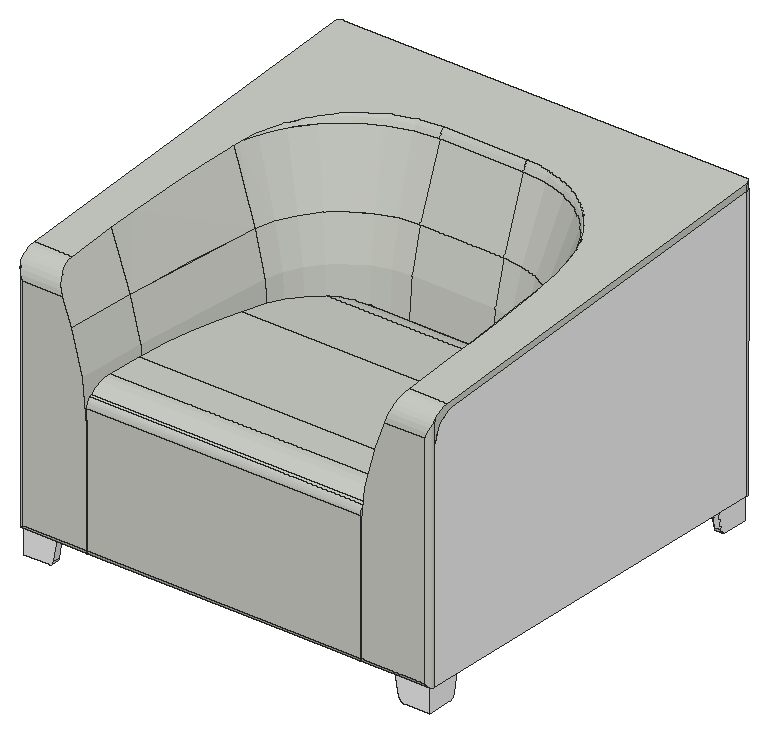
Revit family "Elan_Ellsworth_Two_LoungeChair_WoodBack", category Furniture, Revit 2012
Parameters
  Width = 2' - 11"  # constant formula
  URL = "http://elanbydecca.com/"
  Upholstery [instance] = Furniture - DECCA (Elan) - Ellsworth - Upholstery
  Base [instance] = Furniture - DECCA (Elan) - Ellsworth - Base
  Product URL = "http://elanbydecca.com/PDFs/TearSheet/Ellsworth%20Tear%20Sheet.pdf"
  Model = "MK TC305V"
  Manufacturer = "Decca Elan"
  Height = 2' - 10"  # constant formula
  Description = "Ellsworth Two Lounge Chair, Wood Back"
  Depth = 2' - 2"  # constant formula
  Assembly Description = "Furniture & Accessories"
  Assembly Code = "E2020200"
  Back = Furniture - DECCA (Elan) - Ellsworth - Base
Reference planes (in)
  plane 1 "Center Front/Back": y = -0.7524
  plane 2: z = 0
  plane 3 "Center Left/Right": x = 0
  plane 4: through (-6.25338, 2.33237, 23.38953) normal (0.4297, -0.4297, 0.7941)
  plane 5 "ST": z = 28
  plane 6 "BB": z = 2.875
  plane 7: z = 0.1875
  plane 8: y = 6.21634
  plane 9: x = -17.5
  plane 10: x = 17.5
  plane 11: y = 16.2476
  plane 12: y = -17.7524
  plane 13: z = 26
Forms (in)
  Sweep 1, solid, material "Furniture - DECCA (Elan) - Ellsworth - Upholstery" <- "Upholstery"
    path origin (0, 0, 2.875) x (-1, 0, 0) y (0, -1, 0)
      loop
        line (11.64312, 18.94021) -> (11.39883, 11.94448)
        arc (11.39883, 11.94448) -> (11.06356, 5.94093) -> (10.47796, -0.04338) r 144
        arc (10.47796, -0.04338) -> (8.17515, -4.45033) -> (3.52699, -6.21634) r 7
        line (3.52699, -6.21634) -> (-3.52699, -6.21634)
        arc (-3.52699, -6.21634) -> (-8.17515, -4.45033) -> (-10.47796, -0.04338) r 7
        arc (-10.47796, -0.04338) -> (-11.06356, 5.94093) -> (-11.39883, 11.94448) r 144
        line (-11.39883, 11.94448) -> (-11.64312, 18.94021)
    profile origin (-11.52097, -15.44234, 2.875) x (-0.999391, 0.034899, 0) y (0, 0, 1)
      loop
        line (0, -0.625) -> (15.5, -0.625) -> (15.5, 24.72791) -> (5.82184, 23.78467)
        arc (5.82184, 23.78467) -> (4.27481, 23.16982) -> (3.29376, 21.82488) r 3
        line (3.29376, 21.82488) -> (1.25138, 16.21346)
        arc (1.25138, 16.21346) -> (0.31524, 12.71975) -> (0, 9.11655) r 20.75
        line (0, 9.11655) -> (0, -0.625)
  Extrusion 2, void
    sketch origin (0, 0, 2.875) x (-1, 0, 0) y (0, -1, 0)
      loop
        line (17.5, -15.7476) -> (17.5, 17.2524)
        arc (17.5, 17.2524) -> (17.35355, 17.60595) -> (17, 17.7524) r 0.5
        line (17, 17.7524) -> (-17, 17.7524)
        arc (-17, 17.7524) -> (-17.35355, 17.60595) -> (-17.5, 17.2524) r 0.5
        line (-17.5, 17.2524) -> (-17.5, -15.7476)
        arc (-17.5, -15.7476) -> (-17.35355, -16.10115) -> (-17, -16.2476) r 0.5
        line (-17, -16.2476) -> (17, -16.2476)
        arc (17, -16.2476) -> (17.35355, -16.10115) -> (17.5, -15.7476) r 0.5
      loop
        arc (16, -26.2476) -> (24.83883, -22.58644) -> (28.5, -13.7476) r 12.5
        line (28.5, -13.7476) -> (28.5, 15.2524)
        arc (28.5, 15.2524) -> (24.83883, 24.09123) -> (16, 27.7524) r 12.5
        line (16, 27.7524) -> (-16, 27.7524)
        arc (-16, 27.7524) -> (-24.83883, 24.09123) -> (-28.5, 15.2524) r 12.5
        line (-28.5, 15.2524) -> (-28.5, -13.7476)
        arc (-28.5, -13.7476) -> (-24.83883, -22.58644) -> (-16, -26.2476) r 12.5
        line (-16, -26.2476) -> (16, -26.2476)
    from -2.875 to 28.625
  Extrusion 3, solid, material "Furniture - DECCA (Elan) - Ellsworth - Upholstery" <- "Upholstery"
    sketch origin (0, 0, 0) x (0, 1, 0) y (0, 0, 1)
      loop
        line (6.21634, 2.25) -> (6.21634, 11.87049)
        arc (6.21634, 11.87049) -> (6.09516, 12.34765) -> (5.76098, 12.70916) r 1
        line (5.76098, 12.70916) -> (5.58971, 12.82039)
        arc (5.58971, 12.82039) -> (4.80884, 13.21357) -> (3.96121, 13.4277) r 4
        line (3.96121, 13.4277) -> (-2.43716, 14.316)
        arc (-2.43716, 14.316) -> (-7.37582, 14.8288) -> (-12.33808, 15) r 72
        line (-12.33808, 15) -> (-15.27824, 15)
        arc (-15.27824, 15) -> (-16.35334, 14.80074) -> (-17.28563, 14.22943) r 3
        line (-17.28563, 14.22943) -> (-17.42153, 14.10707)
        arc (-17.42153, 14.10707) -> (-17.66595, 13.77066) -> (-17.7524, 13.36393) r 1
        line (-17.7524, 13.36393) -> (-17.7524, 2.5625)
        arc (-17.7524, 2.5625) -> (-17.66087, 2.34153) -> (-17.4399, 2.25) r 0.3125
        line (-17.4399, 2.25) -> (6.21634, 2.25)
    from -13.1875 to 13.1875
  Extrusion 4, void
    sketch origin (0, 0, 2.875) x (-1, 0, 0) y (0, -1, 0)
      loop
        line (11.65402, 19.2524) -> (11.39883, 11.94448)
        arc (11.39883, 11.94448) -> (11.06356, 5.94093) -> (10.47796, -0.04338) r 144
        arc (10.47796, -0.04338) -> (8.17515, -4.45033) -> (3.52699, -6.21634) r 7
        line (3.52699, -6.21634) -> (-3.52699, -6.21634)
        arc (-3.52699, -6.21634) -> (-8.17515, -4.45033) -> (-10.47796, -0.04338) r 7
        arc (-10.47796, -0.04338) -> (-11.06356, 5.94093) -> (-11.39883, 11.94448) r 144
        line (-11.39883, 11.94448) -> (-11.65402, 19.2524) -> (-14.69253, 19.2524) -> (-14.69253, -11.2476) -> (14.80747, -11.2476) -> (14.80747, 19.2524) -> (11.65402, 19.2524)
    from -1.22026 to 15.89704
  Extrusion 5, void
    sketch origin (0, 0, 0) x (0, 1, 0) y (0, 0, 1)
      loop
        line (22.2476, 26.52493) -> (22.2476, 31) -> (-20.72095, 31) -> (-20.72095, 0) -> (-17.09615, 0) -> (-17.09615, 2.25) -> (-17.4399, 2.25)
        arc (-17.4399, 2.25) -> (-17.66087, 2.34153) -> (-17.7524, 2.5625) r 0.3125
        line (-17.7524, 2.5625) -> (-17.7524, 21.19272)
        arc (-17.7524, 21.19272) -> (-17.22695, 22.5439) -> (-15.92671, 23.18511) r 2
        line (-15.92671, 23.18511) -> (22.2476, 26.52493)
    from -19.20611 to 19.27934
  Extrusion 6, void
    sketch origin (0, 0, 0) x (0, 1, 0) y (0, 0, 1)
      loop
        line (-17.2524, 20.69272) -> (-17.2524, -0.5) -> (16.2476, -0.5) -> (16.2476, 25.45626) -> (-15.42671, 22.68511)
        arc (-15.42671, 22.68511) -> (-16.72695, 22.0439) -> (-17.2524, 20.69272) r 2
    from -17.5 to -17
  Extrusion 7, void
    sketch origin (0, 0, 0) x (0, 1, 0) y (0, 0, -1)
      loop
        arc (-17.2524, -20.69272) -> (-16.72695, -22.0439) -> (-15.42671, -22.68511) r 2
        line (-15.42671, -22.68511) -> (16.2476, -25.45626) -> (16.2476, 0.5) -> (-17.2524, 0.5) -> (-17.2524, -20.69272)
    from -17.5 to -17
  Extrusion 8, void
    sketch origin (0, 0, 0) x (0, 1, 0) y (0, 0, 1)
      loop
        line (16.2476, 25.45626) -> (15.7476, 25.41251) -> (15.7476, 2.25) -> (16.2476, 2.25) -> (16.2476, 25.45626)
    from -17.5 to 17.1875
Cuts and joins
  Extrusion 2, Extrusion 5, Extrusion 6, Extrusion 7, Extrusion 8 cuts Sweep 1
  Extrusion 4, Extrusion 6 cuts Extrusion 3
Dimensions and locks (in)
  plane 12 to plane 11 = 2' - 10"
  plane 9 to plane 10 = 2' - 11"
  plane 13 to level = 2' - 2"
Nested families (in)
  nested 1: "Elan_Ellsworth_One_LoungeLEG" at (-17.1875, -16.6875, 0), Base <- "Base", type "Elan_Ellsworth_One_LoungeLEG"
    with Upholstery Furniture - DECCA (Elan) - Ellsworth - Upholstery, Base Furniture - DECCA (Elan) - Ellsworth - Base
  nested 2: "Elan_Ellsworth_One_LoungeLEG" at (-17.1875, 15.1827, 0), Base <- "Base", type "Elan_Ellsworth_One_LoungeLEG"
    with Upholstery Furniture - DECCA (Elan) - Ellsworth - Upholstery, Base Furniture - DECCA (Elan) - Ellsworth - Base
  nested 3: "Elan_Ellsworth_One_LoungeLEG" at (17.1875, -16.6875, 0) x (-1, 0, 0) z (0, 0, 1), Base <- "Base", type "Elan_Ellsworth_One_LoungeLEG"
    with Upholstery Furniture - DECCA (Elan) - Ellsworth - Upholstery, Base Furniture - DECCA (Elan) - Ellsworth - Base
  nested 4: "Elan_Ellsworth_One_LoungeLEG" at (17.1875, 15.1827, 0) x (-1, 0, 0) z (0, 0, 1), Base <- "Base", type "Elan_Ellsworth_One_LoungeLEG"
    with Upholstery Furniture - DECCA (Elan) - Ellsworth - Upholstery, Base Furniture - DECCA (Elan) - Ellsworth - Base
  nested 5: "Elan_Ellsworth_Two_LoungeChairBACK" at (0, 0, 0), Back <- "Back", type "Elan_Ellsworth_Two_LoungeChairBACK"
    with Upholstery Furniture - DECCA (Elan) - Ellsworth - Upholstery, Base Furniture - DECCA (Elan) - Ellsworth - Base, Back Furniture - DECCA (Elan) - Ellsworth - Base
Definition of nested family "Elan_Ellsworth_One_LoungeLEG"
  Parameters (values of type "Elan_Ellsworth_One_LoungeLEG")
    WoodBack = no
    Width = 2' - 9"  # constant formula
    URL = "http://elanbydecca.com/"
    Upholstery [instance] = Furniture - DECCA (Elan) - Ellsworth - Upholstery
    Base [instance] = Furniture - DECCA (Elan) - Ellsworth - Base
    Product URL = "http://elanbydecca.com/PDFs/elan_tearsheet-ava.pdf"
    Model = "MK TC300V"
    Manufacturer = "Decca Elan"
    Height = 2' - 4"  # constant formula
    Description = "Ellsworth One Lounge Chair"
    Depth = 2' - 6"  # constant formula
    Assembly Description = "Furniture & Accessories"
    Assembly Code = "E2020200"
    Back = Furniture - DECCA (Elan) - Ellsworth - Base
  Reference planes (in)
    plane 1 "Center Front/Back": y = -0.7524
    plane 2: z = 0
    plane 3 "Center Left/Right": x = 0
    plane 4 "L": x = -16.5
    plane 5 "R": x = 16.5
    plane 6 "F": y = -15.7524
    plane 7: y = 14.2476
    plane 8: through (-6.25338, 2.33237, 23.38953) normal (0.4297, -0.4297, 0.7941)
    plane 9 "ST": z = 28
    plane 10 "BB": z = 2.875
    plane 11: z = 0.1875
    plane 12: x = -16.1875
    plane 13: x = -13.1875
    plane 14: x = 16.1875
    plane 15: x = 13.1875
    plane 16: y = -12.7524
    plane 17: y = 11.2476
    plane 18: z = 17
    plane 19: y = 6.21634
    plane 20: z = 0.65933
    plane 21: through (0, 2.2476, 2.875) normal (0, -0.9824, 0.1869)
    plane 22: through (3, -180, 2.875) normal (0.9828, 0, -0.1848)
    plane 23: x = 2.49468
    plane 24: y = 1.73635
  Forms (in)
    Blend 1, solid, material "Furniture - DECCA (Elan) - Ellsworth - Base" <- "Base"
      base sketch origin (0, 0, 2.875) x (-1, 0, 0) y (0, -1, 0)
        loop
          line (-0.5, -2.2476) -> (0, -2.2476) -> (0, 0.7524) -> (-3, 0.7524) -> (-3, 0.26226) -> (-0.5, -2.2476)
      top sketch origin (0, 0, 2.875) x (-1, 0, 0) y (0, -1, 0)
        loop
          line (-2.49468, 0.7524) -> (-2.49468, 0.30042) -> (-0.46243, -1.73635) -> (0, -1.73635) -> (0, 0.7524) -> (-2.49468, 0.7524)
      from 0 to -2.6875
    Extrusion 2, void
      sketch origin (0, -0.00635, 0.00635) x (0, 1, 0) y (0, 0, 1)
        loop
          line (1.3225, 0.1875) -> (-0.93599, 0.1875) -> (-0.93599, 0.09766) -> (1.81071, 0.09766) -> (2.38141, 3.09766) -> (2.28996, 3.09766) -> (1.81369, 0.59406)
          arc (1.81369, 0.59406) -> (1.64131, 0.30232) -> (1.3225, 0.1875) r 0.5
      from -0.45475 to 3.24041
    Revolve 3, solid, material "Furniture - DECCA (Elan) - Ellsworth - Base" <- "Base"
      sketch origin (0.83883, 0, 0) x (0, 1, 0) y (0, 0, 1)
        loop
          line (0.67648, 0.19343) -> (0.30246, 0.19343) -> (0.30246, 0) -> (0.61213, 0)
          arc (0.61213, 0) -> (0.65763, 0.01885) -> (0.67648, 0.06435) r 0.06435
          line (0.67648, 0.06435) -> (0.67648, 0.19343)
        axis (0.30246, 0) -> (0.30246, 0.19343)
      angle from 0 to 360
    Extrusion 4, void
      sketch origin (-0.00439, -16.42176, 0.01318) x (1, 0, 0) y (0, 0, -1)
        loop
          line (-0.25, -0.1875) -> (2.07993, -0.1875)
          arc (2.07993, -0.1875) -> (2.39915, -0.30266) -> (2.57132, -0.59511) r 0.5
          line (2.57132, -0.59511) -> (3.0644, -3.2175) -> (3.0644, 0.0625) -> (-0.25, 0.0625) -> (-0.25, -0.1875)
      from 15.08155 to 18.91936
  Cuts and joins
    Extrusion 2, Extrusion 4 cuts Blend 1
  Dimensions and locks (in)
    equal spacing: plane 7, plane 1 "Center Front/Back", plane 6 "F"
    "Depth": plane 7 to plane 6 "F"
    "Height": plane 9 "ST" to level
    equal spacing: plane 4 "L", plane 3 "Center Left/Right", plane 5 "R"
    "Width": plane 4 "L" to plane 5 "R"
    locked: plane 12 to plane 4 "L" at 0.3125
    locked: plane 13 to plane 12 at 3
    locked: plane 15 to plane 14 at 3
    locked: plane 14 to plane 5 "R" at 0.3125
    locked: plane 16 to plane 6 "F" at 3
    locked: plane 7 to plane 17 at 3
    plane 18 to level = 1' - 5"
  Automatic sketch dimensions
    plane 1 "Center Front/Back" to Blend 1 sketch curve = 0' - 0"  (x2)
    Blend 1 sketch curve to plane 3 "Center Left/Right" = 0' - 0"  (x2)
    plane 3 "Center Left/Right" to Blend 1 sketch curve = 0' - 0 1/2"
    Blend 1 sketch curve to plane 23 = 0' - 0.50532"
    Blend 1 sketch curve to Blend 1 sketch curve = 0' - 0"  (x2)
    Blend 1 sketch curve to plane 1 "Center Front/Back" = 0' - 0.49014"
    plane 24 to Blend 1 sketch curve = 0' - 0.51125"
    Blend 1 sketch curve to plane 23 = 0' - 0"
    Blend 1 sketch curve to plane 24 = 0' - 0"
    plane 3 "Center Left/Right" to Blend 1 sketch curve = 0' - 0.46243"
    Blend 1 sketch curve to Blend 1 sketch curve = 0' - 0.45198"
    plane 11 to Extrusion 2 sketch curve = 0' - 0.00635"
    plane 1 "Center Front/Back" to Extrusion 2 sketch curve = 0' - 0.18994"
    Extrusion 2 sketch curve to plane 24 = 0' - 0.4202"
    plane 24 to Extrusion 2 sketch curve = 0' - 0.06802"
    plane 20 to Extrusion 2 sketch curve = 0' - 0.05893"
    plane 24 to Extrusion 2 sketch curve = 0' - 0.07099"
    plane 10 "BB" to Extrusion 2 sketch curve = 0' - 0.229"
    plane 24 to Extrusion 2 sketch curve = 0' - 0.54726"
    Extrusion 2 sketch curve to Extrusion 2 sketch curve = 0' - 0.09145"
    Extrusion 2 sketch curve to plane 11 = 0' - 0.0835"
    Revolve 3 sketch curve to level = 0' - 0"
    plane 11 to Revolve 3 sketch curve = 0' - 0.00593"
    plane 11 to Revolve 3 sketch curve = 0' - 0.14484"
    Revolve 3 sketch curve to plane 1 "Center Front/Back" = 0' - 1.05486"
    Revolve 3 sketch curve to Revolve 3 sketch curve = 0' - 0"
    Revolve 3 sketch curve to Revolve 3 sketch curve = 0' - 0.30967"
    Revolve 3 sketch curve to Revolve 3 sketch curve = 0' - 0.06435"
    Revolve 3 sketch curve to Revolve 3 sketch curve = 0' - 0.0701"
    Extrusion 4 sketch curve to plane 11 = 0' - 0.01318"
    plane 22 to Extrusion 4 sketch curve = 0' - 0.00675"  (x2)
    plane 3 "Center Left/Right" to Extrusion 4 sketch curve = 0' - 0.25439"
    Extrusion 4 sketch curve to plane 23 = 0' - 0.41914"
    plane 23 to Extrusion 4 sketch curve = 0' - 0.07225"
    Extrusion 4 sketch curve to plane 10 "BB" = 0' - 0.35569"
    level to Extrusion 4 sketch curve = 0' - 0.04932"
Definition of nested family "Elan_Ellsworth_Two_LoungeChairBACK"
  Parameters (values of type "Elan_Ellsworth_Two_LoungeChairBACK")
    Width = 2' - 11"  # constant formula
    URL = "http://elanbydecca.com/"
    Upholstery [instance] = Furniture - DECCA (Elan) - Ellsworth - Upholstery
    Base [instance] = Furniture - DECCA (Elan) - Ellsworth - Base
    Product URL = "http://elanbydecca.com/PDFs/TearSheet/Ellsworth%20Tear%20Sheet.pdf"
    Model = "MK TC305U"
    Manufacturer = "Decca Elan"
    Height = 2' - 10"  # constant formula
    Description = "Ellsworth Two Lounge Chair"
    Depth = 2' - 2"  # constant formula
    Assembly Description = "Furniture & Accessories"
    Assembly Code = "E2020200"
    Back [instance] = Furniture - DECCA (Elan) - Ellsworth - Base
  Reference planes (in)
    plane 1 "Center Front/Back": y = -0.7524
    plane 2: z = 0
    plane 3 "Center Left/Right": x = 0
    plane 4: through (-6.25338, 2.33237, 23.38953) normal (0.4297, -0.4297, 0.7941)
    plane 5 "ST": z = 28
    plane 6 "BB": z = 2.875
    plane 7: z = 0.1875
    plane 8: y = 6.21634
    plane 9: x = -17.5
    plane 10: x = 17.5
    plane 11: y = 16.2476
    plane 12: y = -17.7524
    plane 13: z = 26
  Forms (in)
    Sweep 1, solid, material "Furniture - DECCA (Elan) - Ellsworth - Base" <- "Back"
      path origin (0, 0, 2.875) x (-1, 0, 0) y (0, -1, 0)
        loop
          line (11.64312, 18.94021) -> (11.39883, 11.94448)
          arc (11.39883, 11.94448) -> (11.06356, 5.94093) -> (10.47796, -0.04338) r 144
          arc (10.47796, -0.04338) -> (8.17515, -4.45033) -> (3.52699, -6.21634) r 7
          line (3.52699, -6.21634) -> (-3.52699, -6.21634)
          arc (-3.52699, -6.21634) -> (-8.17515, -4.45033) -> (-10.47796, -0.04338) r 7
          arc (-10.47796, -0.04338) -> (-11.06356, 5.94093) -> (-11.39883, 11.94448) r 144
          line (-11.39883, 11.94448) -> (-11.64312, 18.94021)
      profile origin (-11.52097, -15.44234, 2.875) x (-0.999391, 0.034899, 0) y (0, 0, 1)
        loop
          line (0, -0.625) -> (15.5, -0.625) -> (15.5, 24.72791) -> (5.82184, 23.78467)
          arc (5.82184, 23.78467) -> (4.27481, 23.16982) -> (3.29376, 21.82488) r 3
          line (3.29376, 21.82488) -> (1.25138, 16.21346)
          arc (1.25138, 16.21346) -> (0.31524, 12.71975) -> (0, 9.11655) r 20.75
          line (0, 9.11655) -> (0, -0.625)
    Extrusion 2, void
      sketch origin (0, 0, 2.875) x (-1, 0, 0) y (0, -1, 0)
        loop
          line (17.5, -15.7476) -> (17.5, 17.2524)
          arc (17.5, 17.2524) -> (17.35355, 17.60595) -> (17, 17.7524) r 0.5
          line (17, 17.7524) -> (-17, 17.7524)
          arc (-17, 17.7524) -> (-17.35355, 17.60595) -> (-17.5, 17.2524) r 0.5
          line (-17.5, 17.2524) -> (-17.5, -15.7476)
          arc (-17.5, -15.7476) -> (-17.35355, -16.10115) -> (-17, -16.2476) r 0.5
          line (-17, -16.2476) -> (17, -16.2476)
          arc (17, -16.2476) -> (17.35355, -16.10115) -> (17.5, -15.7476) r 0.5
        loop
          arc (16, -26.2476) -> (24.83883, -22.58644) -> (28.5, -13.7476) r 12.5
          line (28.5, -13.7476) -> (28.5, 15.2524)
          arc (28.5, 15.2524) -> (24.83883, 24.09123) -> (16, 27.7524) r 12.5
          line (16, 27.7524) -> (-16, 27.7524)
          arc (-16, 27.7524) -> (-24.83883, 24.09123) -> (-28.5, 15.2524) r 12.5
          line (-28.5, 15.2524) -> (-28.5, -13.7476)
          arc (-28.5, -13.7476) -> (-24.83883, -22.58644) -> (-16, -26.2476) r 12.5
          line (-16, -26.2476) -> (16, -26.2476)
      from -2.875 to 28.625
    Extrusion 3, void
      sketch origin (0, 0.5, 0) x (0, 1, 0) y (0, 0, 1)
        loop
          line (22.2476, 26.02493) -> (22.2476, 31) -> (-20.72095, 31) -> (-20.72095, 0) -> (-17.7524, 0) -> (-17.7524, 20.69272)
          arc (-17.7524, 20.69272) -> (-17.22695, 22.0439) -> (-15.92671, 22.68511) r 2
          line (-15.92671, 22.68511) -> (22.2476, 26.02493)
      from -19.20611 to 19.27934
    Extrusion 4, void
      sketch origin (0, 0, 2.875) x (-1, 0, 0) y (0, -1, 0)
        loop
          line (17, -15.7476) -> (17, 17.2524) -> (-17, 17.2524) -> (-17, -15.7476) -> (17, -15.7476)
      from -2.875 to 28.625
  Cuts and joins
    Extrusion 2, Extrusion 3, Extrusion 4 cuts Sweep 1
  Dimensions and locks (in)
    plane 12 to plane 11 = 2' - 10"
    plane 9 to plane 10 = 2' - 11"
    plane 13 to level = 2' - 2"
